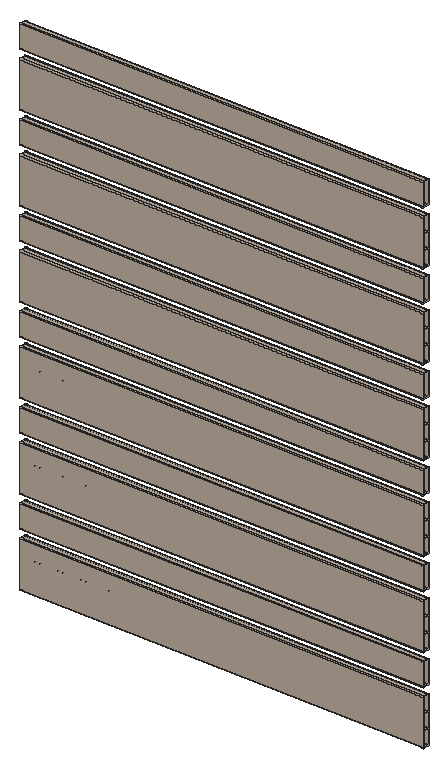
Revit family "Screening-Louver-Assembly-Panel-Palmshield-Mercury_Economic-Alternating-Semi_Private-Vinyl", category Specialty Equipment, Revit 2020
Family settings
  Round Connector Dimension = Use Diameter
  Part Type = Normal
  OmniClass Number = 23.55.00.00
  OmniClass Title = Manufactured Structures
  Work Plane-Based = No
  Always vertical = No
  Cut with Voids When Loaded = No
  Shared = No
  Room Calculation Point = No
Parameters (values of type "Assembly")
  Width [instance] = if(Desired Overall Width < C Min Width, C Min Width, if(Desired Overall Width > C Max Width, C Max Width, Desired Overall Width))  # 4' - 0"
  Warranty URL = "https://palmshieldlouvers.com/wp-content/uploads/2020/01/PalmSHIELD-Warranty-NO-SIGN-LINE.pdf"
  Version = "2020 - v1.0a"  # constant formula
  URL = "https://palmshieldlouvers.com/"
  Product Page URL = "https://palmshieldlouvers.com/products/mercury-eco-semi-private/"
  Product Documentation Link = "https://palmshieldlouvers.com/wp-content/uploads/2022/01/Mercury-Economic-Alternating-Semi-Private.pdf"
  Offset From Surface = 0' - 2"  # constant formula
  Model = "Mercury Economic - Alternating - Semi Private"  # constant formula
  Material = Metal - PalmSHIELD - Grey Beige
  Manufacturer Phone Number = "531-329-4406 "  # constant formula
  Manufacturer Email = "mailto: info@palmshieldlouvers.com"
  Manufacturer Address = "12330 Cary Circle, La Vista, NE 68128"  # constant formula
  Manufacturer = "PalmSHIELD"  # constant formula
  Louver Finish = Metal - PalmSHIELD - Grey Beige
  Keynote = "05 10 00"
  Instruction Sheet Link = "https://palmshieldlouvers.com/wp-content/uploads/2021/09/PalmSHIELD-Mercury-Series-Post-Panel-Gate-Installation-Instructions-2.docx"
  ID [instance] = "Not Assigned"
  Height [instance] = if(Desired Overall Height < C Min Height, C Min Height, if(Desired Overall Height > C Max Height, C Max Height, Desired Overall Height))  # 6' - 0"
  Desired Overall Width [instance] = 4' - 0"
  Desired Overall Height [instance] = 6' - 0"
  Desired Bottom Angle [instance] = 0.00°
  Description = "Mercury Economic - Alternating - Semi Private - Panel Assembly"  # constant formula
  Default Elevation = 0' - 0"
  Copyright = "Copyright ©2024 The American Fence Company and PalmSHIELD. All Rights Reserved."  # constant formula
  Component Vis [instance] = yes
  Component Name [instance] = "Mercury Economic - Alternating - Semi Private"  # constant formula
  C Min Width [instance] = 4' - 0"  # constant formula
  C Min Height [instance] = C Min Width  # 4' - 0"
  C Max Width [instance] = 5' - 0"  # constant formula
  C Max Height [instance] = 6' - 0"  # constant formula
  C Angle [instance] = if(Desired Bottom Angle > 10.00°, 10.00°, if(Desired Bottom Angle < -10.00°, -10.00°, Desired Bottom Angle))  # 0.00°
  Assembly Code = "F1020100"
Reference planes (in)
  plane 1 "Center (Front/Back)": y = 0
  plane 2: z = 0
  plane 3 "Center (Left/Right)": x = 0
  plane 4: z = 72
  plane 5: x = 48
  plane 6: y = 3
  plane 7: y = 1.5
Lines and regions (in)
  reference lines
    curve 1: line (48, 0, 96.95698) -> (48, 0, -11)
    curve 2: line (-20.8931, 0, 72) -> (71.1069, 0, 72)
Dimensions and locks (in)
  "Desired Overall Height": curve 2 to level
  "Desired Overall Width": curve 1 to plane 3 "Center (Left/Right)"
  "Height": plane 4 to level
  "Width": plane 5 to plane 3 "Center (Left/Right)"
  equal spacing: plane 1 "Center (Front/Back)", plane 7, plane 6
  aligned and locked: plane 2 to level
Automatic sketch dimensions
  curve 2 to plane 3 "Center (Left/Right)" = 1' - 8.8931"
  plane 5 to curve 2 = 1' - 11.1069"
  curve 1 to level = 0' - 11"
  plane 4 to curve 1 = 2' - 0.95698"
Nested families (in)
  nested 1: "Screening-Louver-Assembly-Panel-Palmshield-Mercury_Economic-Alternating-Semi_Private-Vinyl" at (0, -2, 0), Desired Overall Width <- "Desired Overall Width", ID <- "ID", Height <- "Height", Width <- "Width", Component Vis <- "Component Vis", Desired Overall Height <- "Desired Overall Height", type "Assembly"
    with Width 4' - 0", Louver Length 4' - 3 5/8", ID "Not Assigned", Height 6' - 0", Desired Overall Width 4' - 0", Desired Overall Height 6' - 0", Component Vis yes, Component Name "Mercury Economic Alternating Semi Private - Panel Assembly - Aluminum", C Top Post Length 4' - 0", C Straight Corner Angle 45.00°, C Slope Angle 0.00°, C Side Frame Width 0' - 0 7/8", C Side Adjustment 0' - 0", C Rib Thickness Bottom Offset 0' - 0", C Rib Bottom Side Offset 0' - 0", C Louver Offset 0' - 0 1/8", C Louver Count B 6, C Louver Count A 6, C Hip 4' - 0", C Frame Offset 0' - 0 3/8", C Desired Bottom Angle 0.00°, C Bottom Offset B 0' - 7", C B-Side Post Length 6' - 0", C B-Side Angle 45.00°, C Angle 90.00°, C A-Side Post Length 6' - 0", C A-Side Angle 45.00°
  nested 2: "Nested-Louvers-Palmshield-Mercury-Economic-Alternating-Semi_Private-Vinyl" at (-1.8125, 0, 6.5) x (0, 1, 0) z (1, 0, 0), type "7/8" X 6" VINYL"
    with Material Metal - PalmSHIELD - Grey Beige, Length 4' - 3 5/8", ID "", Component Name "Mercury Economic Alternating Semi Private - Vinyl - Louvers"
  nested 3: "Nested-Louvers-Palmshield-Mercury-Economic-Alternating-Semi_Private-Vinyl" at (-1.8125, 0, 17.5) x (0, 1, 0) z (1, 0, 0), type "7/8" X 6" VINYL"
    with Material Metal - PalmSHIELD - Grey Beige, Length 4' - 3 5/8", ID "", Component Name "Mercury Economic Alternating Semi Private - Vinyl - Louvers"
  nested 4: "Nested-Louvers-Palmshield-Mercury-Economic-Alternating-Semi_Private-Vinyl" at (-1.8125, 0, 13.5) x (0, 1, 0) z (1, 0, 0), type "7/8" X 3" VINYL"
    with Material Metal - PalmSHIELD - Grey Beige, Length 4' - 3 5/8", ID "", Component Name "Mercury Economic Alternating Semi Private - Vinyl - Louvers"
  nested 5: "Nested-Louvers-Palmshield-Mercury-Economic-Alternating-Semi_Private-Vinyl" at (-1.8125, 0, 24.5) x (0, 1, 0) z (1, 0, 0), type "7/8" X 3" VINYL"
    with Material Metal - PalmSHIELD - Grey Beige, Length 4' - 3 5/8", ID "", Component Name "Mercury Economic Alternating Semi Private - Vinyl - Louvers"
  nested 6: "Nested-Louvers-Palmshield-Mercury-Economic-Alternating-Semi_Private-Vinyl" at (-1.8125, 0, 35.5) x (0, 1, 0) z (1, 0, 0), type "7/8" X 3" VINYL"
    with Material Metal - PalmSHIELD - Grey Beige, Length 4' - 3 5/8", ID "", Component Name "Mercury Economic Alternating Semi Private - Vinyl - Louvers"
  nested 7: "Nested-Louvers-Palmshield-Mercury-Economic-Alternating-Semi_Private-Vinyl" at (-1.8125, 0, 46.5) x (0, 1, 0) z (1, 0, 0), type "7/8" X 3" VINYL"
    with Material Metal - PalmSHIELD - Grey Beige, Length 4' - 3 5/8", ID "", Component Name "Mercury Economic Alternating Semi Private - Vinyl - Louvers"
  nested 8: "Nested-Louvers-Palmshield-Mercury-Economic-Alternating-Semi_Private-Vinyl" at (-1.8125, 0, 28.5) x (0, 1, 0) z (1, 0, 0), type "7/8" X 6" VINYL"
    with Material Metal - PalmSHIELD - Grey Beige, Length 4' - 3 5/8", ID "", Component Name "Mercury Economic Alternating Semi Private - Vinyl - Louvers"
  nested 9: "Nested-Louvers-Palmshield-Mercury-Economic-Alternating-Semi_Private-Vinyl" at (-1.8125, 0, 39.5) x (0, 1, 0) z (1, 0, 0), type "7/8" X 6" VINYL"
    with Material Metal - PalmSHIELD - Grey Beige, Length 4' - 3 5/8", ID "", Component Name "Mercury Economic Alternating Semi Private - Vinyl - Louvers"
  nested 10: "Nested-Louvers-Palmshield-Mercury-Economic-Alternating-Semi_Private-Vinyl" at (-1.8125, 0, 50.5) x (0, 1, 0) z (1, 0, 0), type "7/8" X 6" VINYL"
    with Material Metal - PalmSHIELD - Grey Beige, Length 4' - 3 5/8", ID "", Component Name "Mercury Economic Alternating Semi Private - Vinyl - Louvers"
  nested 11: "Nested-Louvers-Palmshield-Mercury-Economic-Alternating-Semi_Private-Vinyl" at (-1.8125, 0, 57.5) x (0, 1, 0) z (1, 0, 0), type "7/8" X 3" VINYL"
    with Material Metal - PalmSHIELD - Grey Beige, Length 4' - 3 5/8", ID "", Component Name "Mercury Economic Alternating Semi Private - Vinyl - Louvers"
  nested 12: "Nested-Louvers-Palmshield-Mercury-Economic-Alternating-Semi_Private-Vinyl" at (-1.8125, 0, 61.5) x (0, 1, 0) z (1, 0, 0), type "7/8" X 6" VINYL"
    with Material Metal - PalmSHIELD - Grey Beige, Length 4' - 3 5/8", ID "", Component Name "Mercury Economic Alternating Semi Private - Vinyl - Louvers"
  nested 13: "Nested-Louvers-Palmshield-Mercury-Economic-Alternating-Semi_Private-Vinyl" at (-1.8125, 0, 68.5) x (0, 1, 0) z (1, 0, 0), type "7/8" X 3" VINYL"
    with Material Metal - PalmSHIELD - Grey Beige, Length 4' - 3 5/8", ID "", Component Name "Mercury Economic Alternating Semi Private - Vinyl - Louvers"
Definition of nested family "Nested-Louvers-Palmshield-Mercury-Economic-Alternating-Semi_Private-Vinyl"
  Parameters (values of type "7/8" X 6" VINYL")
    Width = if(Constraints = 1, 0' 6", 0' 3")  # 0' - 6"
    Warranty URL = "https://palmshieldlouvers.com/wp-content/uploads/2020/01/PalmSHIELD-Warranty-NO-SIGN-LINE.pdf"
    Version = "2020 - v1.0a"  # constant formula
    URL = "https://palmshieldlouvers.com/"
    Thickness = 0' - 0 15/16"  # constant formula
    Product Page URL = "https://palmshieldlouvers.com/products/mercury-screening/"
    Product Documentation Link = "https://palmshieldlouvers.com/wp-content/uploads/2022/01/Mercury-Economic-Alternating-Semi-Private-Aluminum-Vinyl.pdf"
    Model = "Mercury Economic Semi Private Alternating"  # constant formula
    Material [instance] = none
    Manufacturer Phone Number = "531-329-4406 "  # constant formula
    Manufacturer Fax Number = "Consult Manufacturer Website for More Information"  # constant formula
    Manufacturer Email = "mailto: info@palmshieldlouvers.com"
    Manufacturer Address = "12330 Cary Circle, La Vista, NE 68128"  # constant formula
    Manufacturer = "PalmSHIELD"  # constant formula
    Length [instance] = 4' - 4.86713"
    Keynote = "05 10 00"
    Instruction Sheet Link = "https://palmshieldlouvers.com/wp-content/uploads/2021/09/PalmSHIELD-Mercury-Series-Post-Panel-Gate-Installation-Instructions-2.docx"
    ID [instance] = ""
    Description = "Mercury Economic Semi Private Alternating - Louvers"  # constant formula
    Default Elevation = 4' - 0"
    Copyright = "Copyright ©2024 The American Fence Company and PalmSHIELD. All Rights Reserved."  # constant formula
    Constraints = 1
    Component Name [instance] = "Mercury Economic Alternating Semi Private - Vinyl - Louvers"  # constant formula
    C Small = Constraints = 2  # no
    C Large = Constraints = 1  # yes
    Assembly Code = "F1020100"
  Types (2): name | Width | Constraints | C Small | C Large
    7/8" X 3" VINYL | 0' - 3" | 2 | yes | no
    7/8" X 6" VINYL | 0' - 6" | 1 | no | yes
  Reference planes (in)
    plane 1 "Center (Front/Back)": y = 0
    plane 2: z = 0
    plane 3 "Center (Left/Right)": x = 0
    plane 4: z = 52.86713
  Forms (in)
    Extrusion 1, solid
      sketch origin (0, 0, 0) x (1, 0, 0) y (0, 1, 0)
        loop
          line (-48, 48) -> (-48, -48) -> (48, -48) -> (48, 48) -> (-48, 48)
      from 0 to -12
    Sweep 2, solid, material <- "Material", visible <- "C Small"
      path origin (0, 0, 0) x (0, 1, 0) y (0, 0, 1)
        loop
          line (0, 0) -> (0, 52.86713)
      profile origin (0, 0, 26.43357) x (0, -1, 0) y (1, 0, 0)
        loop
          line (-2.90625, -0.375) -> (-0.09375, -0.375)
          arc (-0.09375, -0.375) -> (-0.07165, -0.36585) -> (-0.0625, -0.34375) r 0.03125
          line (-0.0625, -0.34375) -> (-0.0625, 0.34375)
          arc (-0.0625, 0.34375) -> (-0.07165, 0.36585) -> (-0.09375, 0.375) r 0.03125
          line (-0.09375, 0.375) -> (-2.90625, 0.375)
          arc (-2.90625, 0.375) -> (-2.92835, 0.36585) -> (-2.9375, 0.34375) r 0.03125
          line (-2.9375, 0.34375) -> (-2.9375, -0.34375)
          arc (-2.9375, -0.34375) -> (-2.92835, -0.36585) -> (-2.90625, -0.375) r 0.03125
        loop
          line (-0.09375, 0.4375) -> (-2.90625, 0.4375)
          arc (-2.90625, 0.4375) -> (-2.97254, 0.41004) -> (-3, 0.34375) r 0.09375
          line (-3, 0.34375) -> (-3, -0.34375)
          arc (-3, -0.34375) -> (-2.97254, -0.41004) -> (-2.90625, -0.4375) r 0.09375
          line (-2.90625, -0.4375) -> (-0.09375, -0.4375)
          arc (-0.09375, -0.4375) -> (-0.02746, -0.41004) -> (0, -0.34375) r 0.09375
          line (0, -0.34375) -> (0, 0.34375)
          arc (0, 0.34375) -> (-0.02746, 0.41004) -> (-0.09375, 0.4375) r 0.09375
    Sweep 3, solid, material <- "Material", visible <- "C Large", detail levels fine
      path origin (0, 0, 0) x (0, 1, 0) y (0, 0, 1)
        loop
          line (0, 0) -> (0, 52.86713)
      profile origin (0, 0, 26.43357) x (0, -1, 0) y (1, 0, 0)
        loop
          line (-0.125, 0.4375) -> (-5.875, 0.4375)
          arc (-5.875, 0.4375) -> (-5.96339, 0.40089) -> (-6, 0.3125) r 0.125
          line (-6, 0.3125) -> (-6, -0.3125)
          arc (-6, -0.3125) -> (-5.96339, -0.40089) -> (-5.875, -0.4375) r 0.125
          line (-5.875, -0.4375) -> (-0.125, -0.4375)
          arc (-0.125, -0.4375) -> (-0.03661, -0.40089) -> (0, -0.3125) r 0.125
          line (0, -0.3125) -> (0, 0.3125)
          arc (0, 0.3125) -> (-0.03661, 0.40089) -> (-0.125, 0.4375) r 0.125
        loop
          line (-0.125, 0.375) -> (-2, 0.375) -> (-2, -0.375) -> (-0.125, -0.375)
          arc (-0.125, -0.375) -> (-0.08081, -0.35669) -> (-0.0625, -0.3125) r 0.0625
          line (-0.0625, -0.3125) -> (-0.0625, 0.3125)
          arc (-0.0625, 0.3125) -> (-0.08081, 0.35669) -> (-0.125, 0.375) r 0.0625
        loop
          line (-2.03125, 0.375) -> (-3.96875, 0.375) -> (-3.96875, -0.375) -> (-2.03125, -0.375) -> (-2.03125, 0.375)
        loop
          line (-4, 0.375) -> (-5.875, 0.375)
          arc (-5.875, 0.375) -> (-5.91919, 0.35669) -> (-5.9375, 0.3125) r 0.0625
          line (-5.9375, 0.3125) -> (-5.9375, -0.3125)
          arc (-5.9375, -0.3125) -> (-5.91919, -0.35669) -> (-5.875, -0.375) r 0.0625
          line (-5.875, -0.375) -> (-4, -0.375) -> (-4, 0.375)
    Sweep 4, solid, material <- "Material", visible <- "C Large", detail levels coarse+medium
      path origin (0, 0, 0) x (0, 1, 0) y (0, 0, 1)
        loop
          line (0, 0) -> (0, 52.86713)
      profile origin (0, 0, 26.43357) x (0, -1, 0) y (1, 0, 0)
        loop
          line (-0.125, 0.4375) -> (-5.875, 0.4375)
          arc (-5.875, 0.4375) -> (-5.96339, 0.40089) -> (-6, 0.3125) r 0.125
          line (-6, 0.3125) -> (-6, -0.3125)
          arc (-6, -0.3125) -> (-5.96339, -0.40089) -> (-5.875, -0.4375) r 0.125
          line (-5.875, -0.4375) -> (-0.125, -0.4375)
          arc (-0.125, -0.4375) -> (-0.03661, -0.40089) -> (0, -0.3125) r 0.125
          line (0, -0.3125) -> (0, 0.3125)
          arc (0, 0.3125) -> (-0.03661, 0.40089) -> (-0.125, 0.4375) r 0.125
        loop
          line (-5.875, -0.375) -> (-0.125, -0.375)
          arc (-0.125, -0.375) -> (-0.08081, -0.35669) -> (-0.0625, -0.3125) r 0.0625
          line (-0.0625, -0.3125) -> (-0.0625, 0.3125)
          arc (-0.0625, 0.3125) -> (-0.08081, 0.35669) -> (-0.125, 0.375) r 0.0625
          line (-0.125, 0.375) -> (-5.875, 0.375)
          arc (-5.875, 0.375) -> (-5.91919, 0.35669) -> (-5.9375, 0.3125) r 0.0625
          line (-5.9375, 0.3125) -> (-5.9375, -0.3125)
          arc (-5.9375, -0.3125) -> (-5.91919, -0.35669) -> (-5.875, -0.375) r 0.0625
  Dimensions and locks (in)
    "Length": plane 4 to plane 2
    aligned and locked: plane 2 to Extrusion 1
    aligned and locked: level to Extrusion 1
    aligned and locked: plane 1 "Center (Front/Back)" to Sweep 2 sketch curve
    aligned and locked: plane 4 to Sweep 2 sketch curve
    aligned and locked: plane 4 to Sweep 3 sketch curve
    aligned and locked: plane 4 to Sweep 4 sketch curve
  Automatic sketch dimensions
    Extrusion 1 sketch curve to Extrusion 1 sketch curve = 8' - 0"  (x2)
    Sweep 2 sketch curve to level = 0' - 0"
    Sweep 3 sketch curve to plane 1 "Center (Front/Back)" = 0' - 0"
    Sweep 3 sketch curve to level = 0' - 0"
    Sweep 2 sketch curve to Sweep 2 sketch curve = 0' - 0"  (x9)
    Sweep 2 sketch curve to profile plane = 0' - 0"
    profile plane to Sweep 2 sketch curve = 0' - 0 1/16"
    Sweep 2 sketch curve to Sweep 2 sketch curve = 0' - 0 1/32"  (x3)
    Sweep 2 sketch curve to plane 3 "Center (Left/Right)" = 0' - 0 7/16"
    Sweep 2 sketch curve to Sweep 2 sketch curve = 0' - 2 13/16"
    plane 3 "Center (Left/Right)" to Sweep 2 sketch curve = 0' - 0 11/32"
    Sweep 3 sketch curve to Sweep 3 sketch curve = 0' - 0"  (x10)
    Sweep 3 sketch curve to profile plane = 0' - 0"
    Sweep 3 sketch curve to Sweep 3 sketch curve = 0' - 0 1/16"  (x4)
    profile plane to Sweep 3 sketch curve = 0' - 0 1/8"
    Sweep 3 sketch curve to profile plane = 0' - 0 3/8"
    Sweep 3 sketch curve to Sweep 3 sketch curve = 0' - 1 7/8"  (x2)
    Sweep 3 sketch curve to Sweep 3 sketch curve = 0' - 0 1/32"  (x2)
    profile plane to Sweep 3 sketch curve = 0' - 0 3/8"
    Sweep 3 sketch curve to Sweep 3 sketch curve = 0' - 1 15/16"
    profile plane to Sweep 3 sketch curve = 0' - 0 7/16"
    Sweep 4 sketch curve to plane 1 "Center (Front/Back)" = 0' - 0"
    Sweep 4 sketch curve to level = 0' - 0"
    Sweep 4 sketch curve to profile plane = 0' - 0"
    profile plane to Sweep 4 sketch curve = 0' - 0 1/8"  (x2)
    profile plane to Sweep 4 sketch curve = 0' - 0 7/16"
    Sweep 4 sketch curve to Sweep 4 sketch curve = 0' - 0"  (x8)
    Sweep 4 sketch curve to Sweep 4 sketch curve = 0' - 0 1/8"
    Sweep 4 sketch curve to Sweep 4 sketch curve = 0' - 5 3/4"
    Sweep 4 sketch curve to profile plane = 0' - 0 5/16"
    profile plane to Sweep 4 sketch curve = 0' - 0 1/16"
Definition of nested family "Screening-Louver-Assembly-Panel-Palmshield-Mercury_Economic-Alternating-Semi_Private-Vinyl"
  Parameters (values of type "Default")
    Width [instance] = if(Desired Overall Width < 3' 4", 3' 4", if(Desired Overall Width > 5' 0", 5' 0", Desired Overall Width))  # 4' - 0"
    Warranty URL = "https://palmshieldlouvers.com/wp-content/uploads/2020/01/PalmSHIELD-Warranty-NO-SIGN-LINE.pdf"
    Version = "2020 - v1.0a"  # constant formula
    URL = "https://palmshieldlouvers.com/"
    Offset From Surface = 0' - 3 1/2"  # constant formula
    Material = none
    Louver Separation = 0' - 11"  # constant formula
    Product Page URL = "https://palmshieldlouvers.com/products/mercury-eco-semi-private/"
    Product Documentation Link = "https://palmshieldlouvers.com/wp-content/uploads/2022/01/Mercury-Economic-Alternating-Semi-Private.pdf"
    Model = "Mercury Economic Alternating Semi Private"  # constant formula
    Manufacturer Phone Number = "531-329-4406 "  # constant formula
    Manufacturer Fax Number = "Consult Manufacturer Website for More Information"  # constant formula
    Manufacturer Email = "mailto: info@palmshieldlouvers.com"
    Manufacturer Address = "12330 Cary Circle, La Vista, NE 68128"  # constant formula
    Manufacturer = "PalmSHIELD"  # constant formula
    Louver Length [instance] = Width + 2 * C Frame Overlap  # 4' - 3 5/8"
    Keynote = "05 10 00"
    Instruction Sheet Link = "https://palmshieldlouvers.com/wp-content/uploads/2021/09/PalmSHIELD-Mercury-Series-Post-Panel-Gate-Installation-Instructions-2.docx"
    ID [instance] = "Not Assgined"
    Height [instance] = if(Desired Overall Height < 3' 0", 3' 0", if(Desired Overall Height > 6' 0", 6' 0", Desired Overall Height))  # 6' - 0"
    Component Vis [instance] = yes
    C Top Offset B = 0' - 0 1/2"  # constant formula
    C Louver Count B [instance] = 1 + rounddown((Height - C Bottom Offset B - C Top Offset B - 0' 6") / Louver Separation)  # 6
    C Frame Width = 0' - 4"  # constant formula
    C Frame Thickness = 0' - 0 1/8"  # constant formula
    Desired Overall Width [instance] = 4' - 0"
    Desired Overall Height [instance] = 6' - 0 1/2"
    Description = "Mercury Economic Alternating Semi Private - Panel Assembly"  # constant formula
    Default Elevation = 4' - 0"
    Copyright = "Copyright ©2024 The American Fence Company and PalmSHIELD. All Rights Reserved."  # constant formula
    Component Name [instance] = "Mercury Economic Alternating Semi Private - Panel Assembly - Aluminum"  # constant formula
    C Top Post Length [instance] = Width  # 4' - 0"
    C Top Offset A = 0' - 4 1/2"  # constant formula
    C Straight Corner Angle [instance] = 45.00°  # constant formula
    C Slope Angle [instance] = if(C Desired Bottom Angle < -25.00°, 25.00°, if(C Desired Bottom Angle > 25.00°, 25.00°, C Desired Bottom Angle))  # 0.00°
    C Side Frame Width [instance] = 0' - 0 7/8"  # constant formula
    C Rib Thickness Bottom Offset [instance] = 0' - 0"  # constant formula
    C Rib Bottom Side Offset [instance] = if(C Slope Angle < 0.00°, -C Frame Thickness * sin(C Slope Angle), C Frame Thickness * sin(C Slope Angle))  # 0' - 0"
    C Louver Overlap = 0' - 0 1/2"  # constant formula
    C Louver Offset [instance] = 0' - 0 1/8"  # constant formula
    C Louver Count A [instance] = 1 + rounddown((Height - C Bottom Offset A - C Top Offset B - 0' 3") / Louver Separation)  # 6
    C Hip [instance] = Width / cos(C Slope Angle)  # 4' - 0"
    C Side Adjustment [instance] = -C Hip * sin(C Slope Angle)  # 0' - 0"
    C Frame Overlap = 0' - 1 13/16"  # constant formula
    C Frame Offset [instance] = C Side Frame Width - 0' 0 1/2"  # 0' - 0 3/8"
    C Bottom Offset B [instance] = 0' - 7"  # constant formula
    C Bottom Offset A = 0' - 3"  # constant formula
    C B-Side Post Length [instance] = Height + C Side Adjustment  # 6' - 0"
    C B-Side Angle [instance] = (90.00° - C Slope Angle) / 2  # 45.00°
    C Angle [instance] = if(C Slope Angle < -25.00°, 90.00° - 25.00°, if(C Slope Angle > 25.00°, 90.00° + 25.00°, 90.00° - C Slope Angle))  # 90.00°
    C Desired Bottom Angle [instance] = 0.00°  # constant formula
    C A-Side Post Length [instance] = Height  # 6' - 0"
    C A-Side Angle [instance] = (90.00° + C Slope Angle) / 2  # 45.00°
    Assembly Code = "F1020100"
  Reference planes (in)
    plane 1: y = 0
    plane 2: z = 0
    plane 3 "Side A": x = 0
    plane 4 "Top": z = 72
    plane 5 "Side B": x = 48
    plane 6: y = 4
    plane 7: z = 72
    plane 8: x = 0
    plane 9: x = -1.8125
    plane 10 "Center (Front/Back)": y = 2
    plane 11: x = 24
    plane 12: z = 3
    plane 13: z = 67.5
    plane 14: z = 14
    plane 15: z = 7
    plane 16: z = 71.5
    plane 17: z = 18
    plane 18: x = 49.8125
    plane 19: z = 60.5
    plane 20: z = 56.5
  Forms (in)
    Extrusion 1, solid
      sketch origin (0, 0, 0) x (1, 0, 0) y (0, 1, 0)
        loop
          line (-48, 48) -> (-48, -48) -> (48, -48) -> (48, 48) -> (-48, 48)
      from 0 to -12
  Lines and regions (in)
    reference lines
      curve 1: line (0, 0, 3.14604) -> (84, 0, 3.14604)
      curve 2: line (15.625, 0, 3.14604) -> (26.375, 0, 3.14604)
      curve 3: line (31.625, 0, 3.14604) -> (41.625, 0, 3.14604)
      curve 4: line (-25.10096, 0, 72.5) -> (88.51525, 0, 72.5)
      curve 5: line (48, 0, 3.14604) -> (53.25, 0, 3.14604)
      curve 6: line (48, 0, 91.91427) -> (48, 0, -22.08573)
      curve 7: line (-1.8125, 19.58446, 72.5) -> (-1.8125, -23.41554, 72.5)
  Dimensions and locks (in)
    "Width": plane 5 "Side B" to plane 3 "Side A"
    plane 3 "Side A" to plane 5 "Side B" = 4' - 0"
    plane 4 "Top" to plane 7 = 0' - 0"
    "C Rib Bottom Side Offset": plane 3 "Side A" to plane 8
    equal spacing: plane 1, plane 10 "Center (Front/Back)", plane 6
    equal spacing: plane 3 "Side A", plane 11, plane 5 "Side B"
    "C Frame Overlap": plane 3 "Side A" to plane 9
    "C Bottom Offset A": plane 12 to plane 2
    "C Top Offset A": plane 7 to plane 13
    "Desired Overall Width": curve 6 to plane 3 "Side A"
    "C Frame Width": plane 6 to plane 1
    "Louver Separation": plane 12 to plane 14
    "C Bottom Offset B": plane 15 to Extrusion 1
    "C Top Offset B": plane 7 to plane 16
    "Desired Overall Height": curve 7 to level
    "Louver Separation": plane 15 to plane 17
    equal spacing: group 1, group 2, group 5, group 6, group 9, group 10  (x2)
    equal spacing: group 10, group 9, group 6, group 5, group 2, group 1
    equal spacing: group 3, group 4, group 7, group 8, group 11, group 12  (x2)
    equal spacing: group 12, group 11, group 8, group 7, group 4, group 3
    "C Frame Overlap": plane 18 to plane 5 "Side B"
    "Louver Separation": plane 19 to plane 16
    "Louver Separation": plane 20 to plane 13
    "Desired Overall Height": curve 4 to plane 2
    "Height": plane 4 "Top" to plane 2
    "C Angle": angle curve 1 to plane 3 "Side A"
    locked: curve 5 to plane 5 "Side B" (angle 90.00°)
    aligned and locked: plane 2 to Extrusion 1
    aligned and locked: level to Extrusion 1
    aligned and locked: plane 3 "Side A" to curve 1
    aligned and locked: plane 10 "Center (Front/Back)" to nested 1
    aligned and locked: nested 1 to plane 16
    aligned and locked: nested 2 to plane 13
    aligned and locked: plane 10 "Center (Front/Back)" to nested 2
    aligned and locked: plane 10 "Center (Front/Back)" to nested 3
    aligned and locked: plane 19 to nested 3
    aligned and locked: plane 10 "Center (Front/Back)" to nested 4
    aligned and locked: plane 20 to nested 4
  Automatic sketch dimensions
    Extrusion 1 sketch curve to Extrusion 1 sketch curve = 8' - 0"  (x2)
    curve 5 to plane 5 "Side B" = 0' - 0"
    curve 4 to plane 9 = 1' - 11.28846"
    curve 2 to plane 12 = 0' - 0.14604"
    curve 2 to plane 11 = 0' - 8 3/8"
    plane 11 to curve 2 = 0' - 2 3/8"
    curve 3 to plane 12 = 0' - 0.14604"
    curve 2 to curve 3 = 0' - 5 1/4"
    curve 3 to curve 5 = 0' - 6 3/8"
    plane 18 to curve 4 = 3' - 2.70275"
    curve 5 to plane 12 = 0' - 0.14604"
    curve 6 to level = 1' - 10.08573"
    plane 4 "Top" to curve 6 = 1' - 7.91427"
    curve 7 to plane 6 = 1' - 3.58446"
    plane 1 to curve 7 = 1' - 11.41554"
  Nested families (in)
    nested 1: "Nested-Louvers-Palmshield-Mercury-Economic-Alternating-Semi_Private-Vinyl" at (-1.8125, 2, 68.5) x (0, 1, 0) z (1, 0, 0), Material <- "Material", Length <- "Louver Length", visible <- "Component Vis", type "7/8" X 3" VINYL"
      with Material none, Length 4' - 3 5/8", ID "", Component Name "Mercury Economic Alternating Semi Private - Vinyl - Louvers"
    nested 2: "Nested-Louvers-Palmshield-Mercury-Economic-Alternating-Semi_Private-Vinyl" at (-1.8125, 2, 61.5) x (0, 1, 0) z (1, 0, 0), Material <- "Material", Length <- "Louver Length", visible <- "Component Vis", type "7/8" X 6" VINYL"
      with Material none, Length 4' - 3 5/8", ID "", Component Name "Mercury Economic Alternating Semi Private - Vinyl - Louvers"
    nested 3: "Nested-Louvers-Palmshield-Mercury-Economic-Alternating-Semi_Private-Vinyl" at (-1.8125, 2, 57.5) x (0, 1, 0) z (1, 0, 0), Material <- "Material", Length <- "Louver Length", visible <- "Component Vis", type "7/8" X 3" VINYL"
      with Material none, Length 4' - 3 5/8", ID "", Component Name "Mercury Economic Alternating Semi Private - Vinyl - Louvers"
    nested 4: "Nested-Louvers-Palmshield-Mercury-Economic-Alternating-Semi_Private-Vinyl" at (-1.8125, 2, 50.5) x (0, 1, 0) z (1, 0, 0), Material <- "Material", Length <- "Louver Length", visible <- "Component Vis", type "7/8" X 6" VINYL"
      with Material none, Length 4' - 3 5/8", ID "", Component Name "Mercury Economic Alternating Semi Private - Vinyl - Louvers"
    nested 5: "Nested-Louvers-Palmshield-Mercury-Economic-Alternating-Semi_Private-Vinyl" at (-1.8125, 2, 46.5) x (0, 1, 0) z (1, 0, 0), Material <- "Material", Length <- "Louver Length", visible <- "Component Vis", type "7/8" X 3" VINYL"
      with Material none, Length 4' - 3 5/8", ID "", Component Name "Mercury Economic Alternating Semi Private - Vinyl - Louvers"
    nested 6: "Nested-Louvers-Palmshield-Mercury-Economic-Alternating-Semi_Private-Vinyl" at (-1.8125, 2, 35.5) x (0, 1, 0) z (1, 0, 0), Material <- "Material", Length <- "Louver Length", visible <- "Component Vis", type "7/8" X 3" VINYL"
      with Material none, Length 4' - 3 5/8", ID "", Component Name "Mercury Economic Alternating Semi Private - Vinyl - Louvers"
    nested 7: "Nested-Louvers-Palmshield-Mercury-Economic-Alternating-Semi_Private-Vinyl" at (-1.8125, 2, 39.5) x (0, 1, 0) z (1, 0, 0), Material <- "Material", Length <- "Louver Length", visible <- "Component Vis", type "7/8" X 6" VINYL"
      with Material none, Length 4' - 3 5/8", ID "", Component Name "Mercury Economic Alternating Semi Private - Vinyl - Louvers"
    nested 8: "Nested-Louvers-Palmshield-Mercury-Economic-Alternating-Semi_Private-Vinyl" at (-1.8125, 2, 28.5) x (0, 1, 0) z (1, 0, 0), Material <- "Material", Length <- "Louver Length", visible <- "Component Vis", type "7/8" X 6" VINYL"
      with Material none, Length 4' - 3 5/8", ID "", Component Name "Mercury Economic Alternating Semi Private - Vinyl - Louvers"
    nested 9: "Nested-Louvers-Palmshield-Mercury-Economic-Alternating-Semi_Private-Vinyl" at (-1.8125, 2, 24.5) x (0, 1, 0) z (1, 0, 0), Material <- "Material", Length <- "Louver Length", visible <- "Component Vis", type "7/8" X 3" VINYL"
      with Material none, Length 4' - 3 5/8", ID "", Component Name "Mercury Economic Alternating Semi Private - Vinyl - Louvers"
    nested 10: "Nested-Louvers-Palmshield-Mercury-Economic-Alternating-Semi_Private-Vinyl" at (-1.8125, 2, 13.5) x (0, 1, 0) z (1, 0, 0), Material <- "Material", Length <- "Louver Length", visible <- "Component Vis", type "7/8" X 3" VINYL"
      with Material none, Length 4' - 3 5/8", ID "", Component Name "Mercury Economic Alternating Semi Private - Vinyl - Louvers"
    nested 11: "Nested-Louvers-Palmshield-Mercury-Economic-Alternating-Semi_Private-Vinyl" at (-1.8125, 2, 17.5) x (0, 1, 0) z (1, 0, 0), Material <- "Material", Length <- "Louver Length", visible <- "Component Vis", type "7/8" X 6" VINYL"
      with Material none, Length 4' - 3 5/8", ID "", Component Name "Mercury Economic Alternating Semi Private - Vinyl - Louvers"
    nested 12: "Nested-Louvers-Palmshield-Mercury-Economic-Alternating-Semi_Private-Vinyl" at (-1.8125, 2, 6.5) x (0, 1, 0) z (1, 0, 0), Material <- "Material", Length <- "Louver Length", visible <- "Component Vis", type "7/8" X 6" VINYL"
      with Material none, Length 4' - 3 5/8", ID "", Component Name "Mercury Economic Alternating Semi Private - Vinyl - Louvers"
  Definition of nested family "Nested-Louvers-Palmshield-Mercury-Economic-Alternating-Semi_Private-Vinyl"
    Parameters (values of type "7/8" X 6" VINYL")
      Width = if(Constraints = 1, 0' 6", 0' 3")  # 0' - 6"
      Warranty URL = "https://palmshieldlouvers.com/wp-content/uploads/2020/01/PalmSHIELD-Warranty-NO-SIGN-LINE.pdf"
      Version = "2020 - v1.0a"  # constant formula
      URL = "https://palmshieldlouvers.com/"
      Thickness = 0' - 0 15/16"  # constant formula
      Product Page URL = "https://palmshieldlouvers.com/products/mercury-screening/"
      Product Documentation Link = "https://palmshieldlouvers.com/wp-content/uploads/2022/01/Mercury-Economic-Alternating-Semi-Private-Aluminum-Vinyl.pdf"
      Model = "Mercury Economic Semi Private Alternating"  # constant formula
      Material [instance] = none
      Manufacturer Phone Number = "531-329-4406 "  # constant formula
      Manufacturer Fax Number = "Consult Manufacturer Website for More Information"  # constant formula
      Manufacturer Email = "mailto: info@palmshieldlouvers.com"
      Manufacturer Address = "12330 Cary Circle, La Vista, NE 68128"  # constant formula
      Manufacturer = "PalmSHIELD"  # constant formula
      Length [instance] = 4' - 4.86713"
      Keynote = "05 10 00"
      Instruction Sheet Link = "https://palmshieldlouvers.com/wp-content/uploads/2021/09/PalmSHIELD-Mercury-Series-Post-Panel-Gate-Installation-Instructions-2.docx"
      ID [instance] = ""
      Description = "Mercury Economic Semi Private Alternating - Louvers"  # constant formula
      Default Elevation = 4' - 0"
      Copyright = "Copyright ©2024 The American Fence Company and PalmSHIELD. All Rights Reserved."  # constant formula
      Constraints = 1
      Component Name [instance] = "Mercury Economic Alternating Semi Private - Vinyl - Louvers"  # constant formula
      C Small = Constraints = 2  # no
      C Large = Constraints = 1  # yes
      Assembly Code = "F1020100"
    Types (2): name | Width | Constraints | C Small | C Large
      7/8" X 3" VINYL | 0' - 3" | 2 | yes | no
      7/8" X 6" VINYL | 0' - 6" | 1 | no | yes
    Reference planes (in)
      plane 1 "Center (Front/Back)": y = 0
      plane 2: z = 0
      plane 3 "Center (Left/Right)": x = 0
      plane 4: z = 52.86713
    Forms (in)
      Extrusion 1, solid
        sketch origin (0, 0, 0) x (1, 0, 0) y (0, 1, 0)
          loop
            line (-48, 48) -> (-48, -48) -> (48, -48) -> (48, 48) -> (-48, 48)
        from 0 to -12
      Sweep 2, solid, material <- "Material", visible <- "C Small"
        path origin (0, 0, 0) x (0, 1, 0) y (0, 0, 1)
          loop
            line (0, 0) -> (0, 52.86713)
        profile origin (0, 0, 26.43357) x (0, -1, 0) y (1, 0, 0)
          loop
            line (-2.90625, -0.375) -> (-0.09375, -0.375)
            arc (-0.09375, -0.375) -> (-0.07165, -0.36585) -> (-0.0625, -0.34375) r 0.03125
            line (-0.0625, -0.34375) -> (-0.0625, 0.34375)
            arc (-0.0625, 0.34375) -> (-0.07165, 0.36585) -> (-0.09375, 0.375) r 0.03125
            line (-0.09375, 0.375) -> (-2.90625, 0.375)
            arc (-2.90625, 0.375) -> (-2.92835, 0.36585) -> (-2.9375, 0.34375) r 0.03125
            line (-2.9375, 0.34375) -> (-2.9375, -0.34375)
            arc (-2.9375, -0.34375) -> (-2.92835, -0.36585) -> (-2.90625, -0.375) r 0.03125
          loop
            line (-0.09375, 0.4375) -> (-2.90625, 0.4375)
            arc (-2.90625, 0.4375) -> (-2.97254, 0.41004) -> (-3, 0.34375) r 0.09375
            line (-3, 0.34375) -> (-3, -0.34375)
            arc (-3, -0.34375) -> (-2.97254, -0.41004) -> (-2.90625, -0.4375) r 0.09375
            line (-2.90625, -0.4375) -> (-0.09375, -0.4375)
            arc (-0.09375, -0.4375) -> (-0.02746, -0.41004) -> (0, -0.34375) r 0.09375
            line (0, -0.34375) -> (0, 0.34375)
            arc (0, 0.34375) -> (-0.02746, 0.41004) -> (-0.09375, 0.4375) r 0.09375
      Sweep 3, solid, material <- "Material", visible <- "C Large", detail levels fine
        path origin (0, 0, 0) x (0, 1, 0) y (0, 0, 1)
          loop
            line (0, 0) -> (0, 52.86713)
        profile origin (0, 0, 26.43357) x (0, -1, 0) y (1, 0, 0)
          loop
            line (-0.125, 0.4375) -> (-5.875, 0.4375)
            arc (-5.875, 0.4375) -> (-5.96339, 0.40089) -> (-6, 0.3125) r 0.125
            line (-6, 0.3125) -> (-6, -0.3125)
            arc (-6, -0.3125) -> (-5.96339, -0.40089) -> (-5.875, -0.4375) r 0.125
            line (-5.875, -0.4375) -> (-0.125, -0.4375)
            arc (-0.125, -0.4375) -> (-0.03661, -0.40089) -> (0, -0.3125) r 0.125
            line (0, -0.3125) -> (0, 0.3125)
            arc (0, 0.3125) -> (-0.03661, 0.40089) -> (-0.125, 0.4375) r 0.125
          loop
            line (-0.125, 0.375) -> (-2, 0.375) -> (-2, -0.375) -> (-0.125, -0.375)
            arc (-0.125, -0.375) -> (-0.08081, -0.35669) -> (-0.0625, -0.3125) r 0.0625
            line (-0.0625, -0.3125) -> (-0.0625, 0.3125)
            arc (-0.0625, 0.3125) -> (-0.08081, 0.35669) -> (-0.125, 0.375) r 0.0625
          loop
            line (-2.03125, 0.375) -> (-3.96875, 0.375) -> (-3.96875, -0.375) -> (-2.03125, -0.375) -> (-2.03125, 0.375)
          loop
            line (-4, 0.375) -> (-5.875, 0.375)
            arc (-5.875, 0.375) -> (-5.91919, 0.35669) -> (-5.9375, 0.3125) r 0.0625
            line (-5.9375, 0.3125) -> (-5.9375, -0.3125)
            arc (-5.9375, -0.3125) -> (-5.91919, -0.35669) -> (-5.875, -0.375) r 0.0625
            line (-5.875, -0.375) -> (-4, -0.375) -> (-4, 0.375)
      Sweep 4, solid, material <- "Material", visible <- "C Large", detail levels coarse+medium
        path origin (0, 0, 0) x (0, 1, 0) y (0, 0, 1)
          loop
            line (0, 0) -> (0, 52.86713)
        profile origin (0, 0, 26.43357) x (0, -1, 0) y (1, 0, 0)
          loop
            line (-0.125, 0.4375) -> (-5.875, 0.4375)
            arc (-5.875, 0.4375) -> (-5.96339, 0.40089) -> (-6, 0.3125) r 0.125
            line (-6, 0.3125) -> (-6, -0.3125)
            arc (-6, -0.3125) -> (-5.96339, -0.40089) -> (-5.875, -0.4375) r 0.125
            line (-5.875, -0.4375) -> (-0.125, -0.4375)
            arc (-0.125, -0.4375) -> (-0.03661, -0.40089) -> (0, -0.3125) r 0.125
            line (0, -0.3125) -> (0, 0.3125)
            arc (0, 0.3125) -> (-0.03661, 0.40089) -> (-0.125, 0.4375) r 0.125
          loop
            line (-5.875, -0.375) -> (-0.125, -0.375)
            arc (-0.125, -0.375) -> (-0.08081, -0.35669) -> (-0.0625, -0.3125) r 0.0625
            line (-0.0625, -0.3125) -> (-0.0625, 0.3125)
            arc (-0.0625, 0.3125) -> (-0.08081, 0.35669) -> (-0.125, 0.375) r 0.0625
            line (-0.125, 0.375) -> (-5.875, 0.375)
            arc (-5.875, 0.375) -> (-5.91919, 0.35669) -> (-5.9375, 0.3125) r 0.0625
            line (-5.9375, 0.3125) -> (-5.9375, -0.3125)
            arc (-5.9375, -0.3125) -> (-5.91919, -0.35669) -> (-5.875, -0.375) r 0.0625
    Dimensions and locks (in)
      "Length": plane 4 to plane 2
      aligned and locked: plane 2 to Extrusion 1
      aligned and locked: level to Extrusion 1
      aligned and locked: plane 1 "Center (Front/Back)" to Sweep 2 sketch curve
      aligned and locked: plane 4 to Sweep 2 sketch curve
      aligned and locked: plane 4 to Sweep 3 sketch curve
      aligned and locked: plane 4 to Sweep 4 sketch curve
    Automatic sketch dimensions
      Extrusion 1 sketch curve to Extrusion 1 sketch curve = 8' - 0"  (x2)
      Sweep 2 sketch curve to level = 0' - 0"
      Sweep 3 sketch curve to plane 1 "Center (Front/Back)" = 0' - 0"
      Sweep 3 sketch curve to level = 0' - 0"
      Sweep 2 sketch curve to Sweep 2 sketch curve = 0' - 0"  (x9)
      Sweep 2 sketch curve to profile plane = 0' - 0"
      profile plane to Sweep 2 sketch curve = 0' - 0 1/16"
      Sweep 2 sketch curve to Sweep 2 sketch curve = 0' - 0 1/32"  (x3)
      Sweep 2 sketch curve to plane 3 "Center (Left/Right)" = 0' - 0 7/16"
      Sweep 2 sketch curve to Sweep 2 sketch curve = 0' - 2 13/16"
      plane 3 "Center (Left/Right)" to Sweep 2 sketch curve = 0' - 0 11/32"
      Sweep 3 sketch curve to Sweep 3 sketch curve = 0' - 0"  (x10)
      Sweep 3 sketch curve to profile plane = 0' - 0"
      Sweep 3 sketch curve to Sweep 3 sketch curve = 0' - 0 1/16"  (x4)
      profile plane to Sweep 3 sketch curve = 0' - 0 1/8"
      Sweep 3 sketch curve to profile plane = 0' - 0 3/8"
      Sweep 3 sketch curve to Sweep 3 sketch curve = 0' - 1 7/8"  (x2)
      Sweep 3 sketch curve to Sweep 3 sketch curve = 0' - 0 1/32"  (x2)
      profile plane to Sweep 3 sketch curve = 0' - 0 3/8"
      Sweep 3 sketch curve to Sweep 3 sketch curve = 0' - 1 15/16"
      profile plane to Sweep 3 sketch curve = 0' - 0 7/16"
      Sweep 4 sketch curve to plane 1 "Center (Front/Back)" = 0' - 0"
      Sweep 4 sketch curve to level = 0' - 0"
      Sweep 4 sketch curve to profile plane = 0' - 0"
      profile plane to Sweep 4 sketch curve = 0' - 0 1/8"  (x2)
      profile plane to Sweep 4 sketch curve = 0' - 0 7/16"
      Sweep 4 sketch curve to Sweep 4 sketch curve = 0' - 0"  (x8)
      Sweep 4 sketch curve to Sweep 4 sketch curve = 0' - 0 1/8"
      Sweep 4 sketch curve to Sweep 4 sketch curve = 0' - 5 3/4"
      Sweep 4 sketch curve to profile plane = 0' - 0 5/16"
      profile plane to Sweep 4 sketch curve = 0' - 0 1/16"
